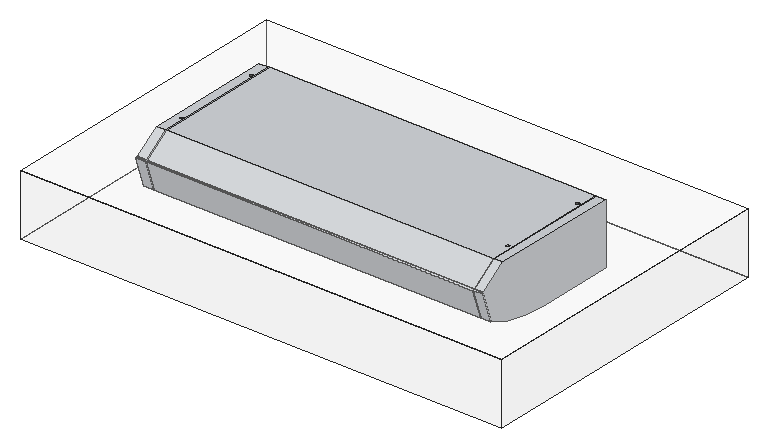
Revit family "pc-rp224_280ba(ca)21_50Hz", category 機械設備, Revit 2019
Family settings
  丸型コネクタ寸法 = 直径を使用
  パーツ タイプ = 標準
  OmniClass 番号 = 23.75.10.24.21.27.27
  OmniClass タイトル = Split System Air Conditioning Units
  作業面ベース = いいえ
  常に垂直 = はい
  ロード時にボイドで切り取り = いいえ
  共有 = いいえ
  部屋計算ポイント = はい
Parameters (values of type "PC-RP224BA21_50Hz")
  騒音レベル（弱）(dB) = 72
  風量（中）（m3／min） = 49
  風量（m3／min） = 58
  風量 = MAX風量  # 3480.0 m³/h
  音響パワーレベル(dB) = 75
  電源種別 = ""
  電圧_電気ヒーター = 0 V
  電圧 = 200 V
  電動機出力_送風機 = 0.32 kW
  運転質量 = 0.00 kg
  連動 = ""
  質量 = if(製品質量 > 運転質量, 製品質量, 運転質量) * 1.2  # 100.80 kg
  負荷分類 = 3_ファン類
  説明 = "店舗・事務所用パッケージエアコン(Mr.SLIM) 天吊形"
  設計暖房能力 [instance] = 0 kW
  設計冷房能力_顕熱 [instance] = 0 kW
  設計冷房能力 [instance] = 0 kW
  設置方法 = "天井吊（露出）形"
  記号 [instance] = ""
  製造元 = "三菱電機株式会社"
  製品質量 = 84.00 kg
  製品出荷対象 = "国内"
  製品リリース年月 = "2025/5/12"
  製品グループ = ""
  系統 [instance] = ""
  符号 = "PAC-CR"
  積算_科目 = "1 空気調和設備"
  積算_拾い区分 [instance] = ""
  相_電気ヒーター = 1
  相 = 1
  盤記号 [instance] = ""
  発停方法 = ""
  特殊仕様 [instance] = ""
  火災停止 = ""
  消費電力_電気ヒーター = 0 kW
  消費電力_暖房 = 0.54 kW
  消費電力_冷房 = 0.54 kW
  消費電力 = if(消費電力_冷房 > 消費電力_暖房, 消費電力_冷房, 消費電力_暖房) + 消費電力_電気ヒーター  # 0.54 kW
  法定耐用年数 = "15"
  極数 = 3
  材質 [instance] = ""
  本体マテリアル = none
  暖房能力 = 22.4 kW
  形式 = "天井吊（露出）形"
  幹線記号 [instance] = ""
  始動方式 = "直入"
  呼称 = "室内機 天井吊(露出)形"
  周波数 = 50 Hz
  吊りボルト幅 = 1694 mm
  台数_手元リモコン [instance] = ""
  台数_冷媒分岐ユニット [instance] = ""
  参照している仕様書等のバージョン = "公共建築工事標準仕様書（機械設備工事編）平成31年度版"
  分類コード = "50053003123090"
  分類グループ = ""
  冷房能力 = 20 kW
  冷媒高低圧ガス管径 = 0.00 mm
  冷媒管径符号 = "Bg"
  冷媒管径 = 100.00 mm
  冷媒液管径 = 9.52 mm
  冷媒ガス管径 = 25.40 mm
  価格 = 0
  企業コード = "108420"
  付属品_フィルター = ""
  付属品 [instance] = ""
  仕様書バージョン = "Version1.0"
  モデル = "PC-RP224BA21"
  ドレン管径 = 25.40 mm
  コメント [instance] = ""
  Keynote = ""
  Width = 1800 mm
  Version = ""
  Uniclass2015Version = "Systems v1.9"
  Uniclass2015Title = "Split coil remote air cooled condensing units"
  Uniclass2015Code = "Pr_70_65_03_84"
  URL = "https://www.mitsubishielectric.co.jp/ldg/wink/qr/002/338250/"
  SpecificationReference = ""
  SpecificationDescription = ""
  Revision = ""
  ProductInformation = ""
  OmniClassCode = "23-33 17 13 11"
  MID風量 = 風量（中）（m3／min） * 60.0 m³/h  # 2940.0 m³/h
  MAX風量 = 風量（m3／min） * 60.0 m³/h  # 3480.0 m³/h
  IfcTypeProduct = ""
  IfcProduct = ""
  IfcExportType = "AIRCONDITIONINGUNIT"
  IfcExportAs = "IfcUnitaryEquipmentType"
  Height = 320 mm
  Depth = 800 mm
  Author = "三菱電機株式会社"
Types (4, lengths in mm): name | 騒音レベル（弱）(dB) | 風量（中）（m3／min） | 風量（m3／min） | 風量 | 音響パワーレベル(dB) | 電動機出力_送風機 | 質量 | 製品質量 | 消費電力_暖房 | 消費電力_冷房 | 消費電力 | 暖房能力 | 吊りボルト幅 | 冷房能力 | 冷媒管径符号 | 冷媒液管径 | モデル | Width | URL | MID風量 | MAX風量
  PC-RP224BA21_50Hz | 72 | 49 | 58 | 3480.0 m³/h | 75 | 0.32 kW | 100.80 kg | 84.00 kg | 0.54 kW | 0.54 kW | 0.54 kW | 22.4 kW | 1694 | 20 kW | "Bg" | 9.52 | "PC-RP224BA21" | 1800 | "https://www.mitsubishielectric.co.jp/ldg/wink/qr/002/338250/" | 2940.0 m³/h | 3480.0 m³/h
  PC-RP280BA21_50Hz | 76 | 60 | 70 | 4200.0 m³/h | 78 | 0.35 kW | 121.20 kg | 101.00 kg | 0.72 kW | 0.72 kW | 0.72 kW | 28 kW | 1994 | 25 kW | "Cg" | 12.70 | "PC-RP280BA21" | 2100 | "https://www.mitsubishielectric.co.jp/ldg/wink/qr/002/338251/" | 3600.0 m³/h | 4200.0 m³/h
  PC-RP224CA21_50Hz | 72 | 49 | 58 | 3480.0 m³/h | 75 | 0.32 kW | 100.80 kg | 84.00 kg | 0.54 kW | 0.54 kW | 0.54 kW | 22.4 kW | 1694 | 20 kW | "Bg" | 9.52 | "PC-RP224CA21" | 1800 | "https://www.mitsubishielectric.co.jp/ldg/wink/qr/002/338252/" | 2940.0 m³/h | 3480.0 m³/h
  PC-RP280CA21_50Hz | 76 | 60 | 70 | 4200.0 m³/h | 78 | 0.35 kW | 121.20 kg | 101.00 kg | 0.72 kW | 0.72 kW | 0.72 kW | 28 kW | 1994 | 25 kW | "Cg" | 12.70 | "PC-RP280CA21" | 2100 | "https://www.mitsubishielectric.co.jp/ldg/wink/qr/002/338220/" | 3600.0 m³/h | 4200.0 m³/h
Reference planes
  plane 1 "中心(正面/背面)": y = 0
  plane 2: z = 0
  plane 3 "中心(左/右)": x = 0
  plane 4: y = -400
  plane 5: y = 400
  plane 6: x = -900
  plane 7: x = 900
  plane 8: y = -900
  plane 9: z = -320
  plane 10: y = 700
  plane 11: x = -1100
  plane 12: x = 1400
  plane 13: x = -861
  plane 14: x = 833
  plane 15: y = 300
  plane 16: y = -150
Lines and regions (mm)
  Masking region 1, detail levels coarse+medium
    outline origin (0, 0, 0) x (1, 0, 0) y (0, 1, 0)
      loop
        line (-900, -400) -> (900, -400) -> (900, 400) -> (-900, 400) -> (-900, -400)
Dimensions and locks
  "Depth": plane 4 to plane 5
  "Width": plane 6 to plane 7
  locked: plane 8 to plane 4 at 500
  equal spacing: plane 4, plane 1 "中心(正面/背面)", plane 5
  equal spacing: plane 6, plane 3 "中心(左/右)", plane 7
  "Height": level to plane 9
  locked: plane 5 to plane 10 at 300
  locked: plane 11 to plane 6 at 200
  locked: plane 7 to plane 12 at 500
  "吊りボルト幅": plane 13 to plane 14
  locked: plane 6 to plane 13 at 39
  plane 16 to plane 15 to plane 5 = 450 mm locked, 100 mm locked
  aligned and locked: level to plane 2
  aligned and locked: plane 3 "中心(左/右)" to nested 1
  aligned and locked: plane 1 "中心(正面/背面)" to nested 1
  aligned and locked: level to nested 1
  aligned and locked: plane 11 to nested 2
  aligned and locked: plane 12 to nested 2
  aligned and locked: plane 10 to nested 2
  aligned and locked: plane 8 to nested 2
  aligned and locked: plane 9 to nested 2
  aligned and locked: plane 2 to nested 2
  aligned and locked: plane 15 to nested 3
  aligned and locked: plane 16 to nested 3
  aligned and locked: plane 13 to nested 3
  aligned and locked: nested 3 to plane 14
Automatic sketch dimensions
  plane 5 to Masking region 1 sketch curve = 0 mm
  Masking region 1 sketch curve to plane 6 = 0 mm
  Masking region 1 sketch curve to plane 7 = 0 mm
  plane 4 to Masking region 1 sketch curve = 0 mm
Nested families
  nested 1: "PC-RP-BA" at (0, 0, -320), 幅 <- "Width", 奥行き <- "Depth", 高さ <- "Height", ドレン配管サイズ <- "ドレン管径", 液配管サイズ <- "冷媒管径", type "PC-RP-BA"
    with 高さ 320 mm, 配線取出口サイズ 26 mm, 配線取出口-Z 0 mm, 配線取出口-Y 0 mm, 配線取出口-X 0 mm, 液配管サイズ 100 mm, 幅 1800 mm, 奥行き 800 mm, 吊りボルト_径 15 mm, 吊りボルト-W 1694 mm, 吊りボルト-D 450 mm, 冷媒配管サイズ 6.35 mm, 冷媒液管径-Z 184 mm, 冷媒液管径-Y 90 mm, 冷媒液管径-X 127 mm, 冷媒ガス管径-Z 106 mm, 冷媒ガス管径-Y 90 mm, 冷媒ガス管径-X 207 mm, ドレン配管サイズ 25.4 mm, ドレン管径-Z 36 mm, ドレン管径-Y 196 mm, ドレン管径-X 134 mm, ガス配管サイズ 12.7 mm
  nested 2: "サービススペース(PC-RP-BA)" at (150, -100, -160), type "サービススペース(PC-RP-BA)"
    with Width 2500 mm, Height 320 mm, Depth 1600 mm
  nested 3: "固定点" at (-861, -150, 0), W <- "吊りボルト幅", type "固定点"
    with W 1694 mm, D 450 mm
Connectors
  piping at (733, 310, -175), diameter 100, driven by "冷媒管径", driven by "冷媒管径符号"
    settings: on nested 1, index 1, connector inside diameter 609.60 mm, connector length 0 mm, flow factor 0, pipe flow 0.0 L/s, pressure drop 0.0 Pa, fitting loss kfactor 0, connector angle 0.00°, fixture units 0, engagement length 0 mm, angle of deflection 0.00°, flow configuration 1, flow direction 1, fitting loss method 4, system type 7, joint type 0, gender type 0, connector reference index -1, connector utility 0, adjustable connector no, is connector primary yes, connector description "Bg"
  piping at (766, 204, -284), diameter 25.4, driven by "ドレン管径"
    settings: on nested 1, index 2, connector inside diameter 609.60 mm, connector length 0 mm, flow factor 0, pipe flow 0.0 L/s, pressure drop 0.0 Pa, fitting loss kfactor 0, connector angle 0.00°, fixture units 0, engagement length 0 mm, angle of deflection 0.00°, flow configuration 1, flow direction 2, fitting loss method 4, system type 16, joint type 0, gender type 0, connector reference index -1, connector utility 0, adjustable connector no, is connector primary no, connector description ""
  electrical at (900, -125.125, -142.5), driven by "極数", driven by "負荷分類", driven by "電圧", driven by "消費電力"
    settings: on nested 1, index 3, voltage 200 V, apparent load 540 VA, apparent load phase1 0 VA, apparent load phase2 0 VA, apparent load phase3 0 VA, power factor 1, load classification "3_ファン類", number of poles 3, system type 30, power factor state 1, is connector primary yes, connector utility no, sub classification motor no, connector description ""
Definition of nested family "PC-RP-BA"
  Parameters (values of type "PC-RP-BA")
    配線取出口サイズ [instance] = 26 mm
    配線取出口-Z [instance] = 0 mm
    配線取出口-Y [instance] = 0 mm
    配線取出口-X [instance] = 0 mm
    液配管サイズ [instance] = 100 mm
    高さ [instance] = 320 mm
    奥行き [instance] = 800 mm
    吊りボルト_径 [instance] = 15 mm
    冷媒配管サイズ [instance] = 6.35 mm
    冷媒液管径-Z [instance] = 184 mm
    冷媒液管径-Y [instance] = 90 mm
    冷媒液管径-X [instance] = 127 mm
    冷媒ガス管径-Z [instance] = 106 mm
    冷媒ガス管径-Y [instance] = 90 mm
    冷媒ガス管径-X [instance] = 207 mm
    吊りボルト-W [instance] = 幅 - 106 mm  # 1694 mm
    ドレン配管サイズ [instance] = 26 mm
    ドレン管径-Z [instance] = 36 mm
    ドレン管径-Y [instance] = 196 mm
    ドレン管径-X [instance] = 134 mm
    ガス配管サイズ [instance] = 12.7 mm
    吊りボルト-D [instance] = 450 mm
    幅 [instance] = 1800 mm
  Reference planes
    plane 1 "中心(正面/背面)": y = 0
    plane 2: z = 0
    plane 3 "中心(左/右)": x = 0
    plane 4: z = 240
    plane 5: x = -900
    plane 6: x = 900
    plane 7: y = 400
    plane 8: y = -400
    plane 9: y = -349
    plane 10: y = -390
    plane 11: y = -395
    plane 12: z = 124
    plane 13: z = 212
    plane 14: z = 230
    plane 15: z = 235
    plane 16: z = 80
    plane 17: x = -850
    plane 18: x = 850
    plane 19: y = 146
    plane 20: z = 145
    plane 21: z = 50
    plane 22: x = 693
    plane 23: x = 773
    plane 24: x = 733
    plane 25: x = 766
    plane 26: y = 310
    plane 27: y = 204
    plane 28: y = 405
    plane 29: z = 210
    plane 30: z = 320
    plane 31: y = 210
    plane 32: z = 184
    plane 33: z = 106
    plane 34: z = 36
    plane 35: y = 104
    plane 36: z = 319
    plane 37: x = -861
    plane 38: x = 833
    plane 39: y = 300
    plane 40: y = -150
  Forms (mm)
    Extrusion 1, solid, detail levels fine
      sketch origin (900, 1296.25, 1200) x (0, 1, 0) y (0, 0, 1)
        loop
          line (-1563.25, -880) -> (-1686.25, -965) -> (-1691.25, -965) -> (-1696.25, -970) -> (-1645.25, -1120)
          arc (-1645.25, -1120) -> (-1475.276, -1179.744) -> (-1296.25, -1200) r 801.256
          line (-1296.25, -1200) -> (-896.25, -1200) -> (-896.25, -880) -> (-1563.25, -880)
      from -1750 to -50
    Extrusion 2, solid, detail levels fine
      sketch origin (0, 0, 0) x (1, 0, 0) y (0, 0, 1)
        loop
          circle (733, 145) r 50
      from -310 to -210
    Extrusion 3, solid, detail levels fine
      sketch origin (900, 1296.25, 1200) x (0, 1, 0) y (0, 0, 1)
        loop
          line (-896.25, -880) -> (-1563.25, -880) -> (-1686.25, -965) -> (-1691.25, -965) -> (-1696.25, -970) -> (-1645.25, -1120)
          arc (-1645.25, -1120) -> (-1475.276, -1179.744) -> (-1296.25, -1200) r 801.256
          line (-1296.25, -1200) -> (-896.25, -1200) -> (-896.25, -880)
      from -50 to 0
    Extrusion 4, solid, detail levels fine
      sketch origin (900, 1296.25, 1200) x (0, 1, 0) y (0, 0, 1)
        loop
          line (-896.25, -880) -> (-1563.25, -880) -> (-1686.25, -965) -> (-1691.25, -965) -> (-1696.25, -970) -> (-1645.25, -1120)
          arc (-1645.25, -1120) -> (-1475.276, -1179.744) -> (-1296.25, -1200) r 801.256
          line (-1296.25, -1200) -> (-896.25, -1200) -> (-896.25, -880)
      from -1800 to -1750
    Extrusion 5, solid, detail levels fine
      sketch origin (0, 0, 0) x (1, 0, 0) y (0, 0, 1)
        loop
          circle (766, 36) r 13
      from -204 to -104
    Extrusion 6, void
      sketch origin (-1437.329, -1524, 240) x (0, -1, 0) y (-1, 0, 0)
        loop
          circle (-1374, -2270.329) r 7.5
        loop
          circle (-1824, -2270.329) r 7.5
        loop
          circle (-1824, -576.329) r 7.5
        loop
          circle (-1374, -576.329) r 7.5
      from -80 to -79
  Cuts and joins
    Extrusion 6 cuts Extrusion 1
    Extrusion 6 cuts Extrusion 4
  Lines and regions (mm)
    model lines, detail levels fine
      curve 1: line (850, -392.127, 206.843) -> (-850, -392.127, 206.843)
      curve 2: line (-850, -357.48, 104.94) -> (850, -357.48, 104.94)
      curve 3: line (-850, 370, 0) -> (-850, 146, 0)
      curve 4: line (850, 370, 0) -> (850, 146, 0)
      curve 5: line (850, 370, 0) -> (-850, 370, 0)
      curve 6: line (850, 146, 0) -> (-850, 146, 0)
      curve 7: line (850, 354, 0) -> (-850, 354, 0)
      curve 8: line (850, 338, 0) -> (-850, 338, 0)
      curve 9: line (850, 322, 0) -> (-850, 322, 0)
      curve 10: line (850, 306, 0) -> (-850, 306, 0)
      curve 11: line (850, 290, 0) -> (-850, 290, 0)
      curve 12: line (850, 274, 0) -> (-850, 274, 0)
      curve 13: line (850, 258, 0) -> (-850, 258, 0)
      curve 14: line (850, 242, 0) -> (-850, 242, 0)
      curve 15: line (850, 226, 0) -> (-850, 226, 0)
      curve 16: line (850, 210, 0) -> (-850, 210, 0)
      curve 17: line (850, 194, 0) -> (-850, 194, 0)
      curve 18: line (850, 178, 0) -> (-850, 178, 0)
      curve 19: line (850, 162, 0) -> (-850, 162, 0)
  Dimensions and locks
    equal spacing: plane 8, plane 1 "中心(正面/背面)", plane 7
    "奥行き": plane 8 to plane 7
    equal spacing: plane 5, plane 3 "中心(左/右)", plane 6
    "幅": plane 5 to plane 6
    locked: plane 8 to plane 11 at 5
    locked: plane 8 to plane 10 at 10
    locked: plane 8 to plane 9 at 51
    locked: plane 15 to level at 235
    locked: plane 16 to level at 80
    plane 17 to plane 18 = 1700 mm
    locked: plane 5 to plane 17 at 50
    locked: plane 18 to plane 6 at 50
    locked: plane 13 to plane 12 at 88
    locked: plane 19 to plane 7 at 254
    locked: plane 4 to plane 21 at 190
    equal spacing: plane 22, plane 24, plane 23
    "ドレン管径-X": plane 25 to plane 6
    locked: plane 27 to plane 7 at 196
    locked: plane 26 to plane 7 at 90
    locked: plane 7 to plane 28 at 5
    locked: plane 4 to plane 29 at 30
    locked: plane 30 to plane 4 at 80
    "高さ": plane 30 to level
    locked: plane 12 to plane 16 at 44
    locked: plane 15 to plane 14 at 5
    "冷媒液管径-X": plane 23 to plane 6
    "冷媒ガス管径-X": plane 22 to plane 6
    locked: plane 31 to plane 26 at 100
    equal spacing: plane 32, plane 20, plane 33
    "冷媒ガス管径-Z": plane 33 to level
    "冷媒液管径-Z": plane 32 to level
    "ドレン管径-Z": plane 34 to level
    locked: plane 35 to plane 27 at 100
    locked: plane 30 to plane 36 at 1
    "吊りボルト-W": plane 37 to plane 38
    locked: plane 5 to plane 37 at 39
    "吊りボルト-D": plane 40 to plane 39
    locked: plane 39 to plane 7 at 100
    "液配管サイズ": diameter of Extrusion 2 sketch curve
    "ドレン配管サイズ": diameter of Extrusion 5 sketch curve
    "吊りボルト_径": diameter of Extrusion 6 sketch curve  (x4)
    aligned and locked: level to plane 2
    aligned and locked: Extrusion 1 sketch curve to plane 7
    aligned and locked: Extrusion 1 sketch curve to level
    aligned and locked: plane 15 to Extrusion 1 sketch curve
    aligned and locked: plane 14 to Extrusion 1 sketch curve
    aligned and locked: plane 16 to Extrusion 1 sketch curve
    aligned and locked: curve 3 to plane 17
    aligned and locked: curve 4 to plane 18
    aligned and locked: curve 6 to plane 19
    aligned and locked: plane 24 to Extrusion 2 sketch curve
    aligned and locked: plane 20 to Extrusion 2 sketch curve
    aligned and locked: Extrusion 2 to plane 26
    aligned and locked: plane 18 to Extrusion 1
    aligned and locked: Extrusion 1 to plane 17
    aligned and locked: Extrusion 1 sketch curve to plane 30
    aligned and locked: Extrusion 3 sketch curve to Extrusion 1  (x7)
    aligned and locked: Extrusion 3 to Extrusion 1
    aligned and locked: plane 6 to Extrusion 3
    aligned and locked: Extrusion 4 sketch curve to Extrusion 3  (x7)
    aligned and locked: Extrusion 4 to plane 5
    aligned and locked: Extrusion 4 to Extrusion 1
    aligned and locked: plane 31 to Extrusion 2
    aligned and locked: plane 25 to Extrusion 5 sketch curve
    aligned and locked: plane 34 to Extrusion 5 sketch curve
    aligned and locked: Extrusion 5 to plane 27
    aligned and locked: plane 35 to Extrusion 5
    aligned and locked: plane 37 to Extrusion 6 sketch curve  (x2)
    aligned and locked: plane 40 to Extrusion 6 sketch curve  (x2)
    aligned and locked: plane 39 to Extrusion 6 sketch curve  (x2)
    aligned and locked: plane 38 to Extrusion 6 sketch curve  (x2)
    aligned and locked: Extrusion 6 to plane 36
    aligned and locked: Extrusion 1 to Extrusion 6
  Automatic sketch dimensions
    Extrusion 1 sketch curve to plane 8 = 0 mm
    Extrusion 1 sketch curve to plane 11 = 0 mm
    Extrusion 1 sketch curve to plane 10 = 0 mm
    Extrusion 1 sketch curve to plane 9 = 0 mm
    Extrusion 1 sketch curve to plane 9 = 82 mm
    Extrusion 1 sketch curve to plane 1 "中心(正面/背面)" = 0 mm
    Extrusion 1 to curve 2 = 0 mm  (x2)
    Extrusion 1 to curve 1 = 24.459 mm
    plane 7 to curve 4 = 30 mm
    curve 19 to plane 19 = 16 mm
    curve 19 to curve 18 = 16 mm
    curve 18 to curve 17 = 16 mm
    curve 17 to curve 16 = 16 mm
    curve 16 to curve 15 = 16 mm
    curve 15 to curve 14 = 16 mm
    curve 14 to curve 13 = 16 mm
    curve 13 to curve 12 = 16 mm
    curve 12 to curve 11 = 16 mm
    curve 11 to curve 10 = 16 mm
    curve 10 to curve 9 = 16 mm
    curve 9 to curve 8 = 16 mm
    curve 8 to curve 7 = 16 mm
    curve 2 to Extrusion 1 = 26.342 mm
    Extrusion 1 to curve 1 = 0 mm  (x2)
Definition of nested family "サービススペース(PC-RP-BA)"
  Parameters (values of type "サービススペース")
    Width [instance] = 500 mm
    Height [instance] = 500 mm
    Depth [instance] = 500 mm
  Reference planes
    plane 1 "中心(正面/背面)": y = 0
    plane 2: z = 0
    plane 3 "中心(左/右)": x = 0
    plane 4: y = -250
    plane 5: x = 250
    plane 6: y = 250
    plane 7: x = -250
    plane 8: z = 250
    plane 9: z = -250
  Forms (mm)
    Extrusion 1, solid
      sketch origin (-638.939, 0, 72.39) x (1, 0, 0) y (0, 1, 0)
        loop
          line (388.939, 250) -> (388.939, -250) -> (888.939, -250) -> (888.939, 250) -> (388.939, 250)
      from -322.39 to 177.61
  Lines and regions (mm)
    symbolic lines
      curve 1: line (-250, 0, 250) -> (250, 0, 250)
      curve 2: line (-250, 0, -250) -> (-250, 0, 250)
      curve 3: line (250, 0, -250) -> (-250, 0, -250)
      curve 4: line (250, 0, 250) -> (250, 0, -250)
      curve 5: line (0, -250, 250) -> (0, 250, 250)
      curve 6: line (0, -250, -250) -> (0, -250, 250)
      curve 7: line (0, 250, -250) -> (0, -250, -250)
      curve 8: line (0, 250, 250) -> (0, 250, -250)
      curve 9: line (-250, 250, 0) -> (250, 250, 0)
      curve 10: line (-250, -250, 0) -> (-250, 250, 0)
      curve 11: line (250, -250, 0) -> (-250, -250, 0)
      curve 12: line (250, 250, 0) -> (250, -250, 0)
  Dimensions and locks
    equal spacing: plane 7, plane 3 "中心(左/右)", plane 5
    equal spacing: plane 4, plane 1 "中心(正面/背面)", plane 6
    "Depth": plane 4 to plane 6
    "Width": plane 7 to plane 5
    equal spacing: plane 8, plane 2, plane 9
    "Height": plane 8 to plane 9
    aligned and locked: plane 9 to curve 3
    aligned and locked: plane 7 to curve 2
    aligned and locked: curve 4 to plane 5
    aligned and locked: plane 5 to Extrusion 1
    aligned and locked: Extrusion 1 to plane 7
    aligned and locked: Extrusion 1 to plane 9
    aligned and locked: plane 8 to Extrusion 1
    aligned and locked: plane 9 to curve 7
  Automatic sketch dimensions
    plane 4 to Extrusion 1 sketch curve = 0 mm
    Extrusion 1 sketch curve to plane 7 = 0 mm
    Extrusion 1 sketch curve to plane 5 = 0 mm
    plane 6 to Extrusion 1 sketch curve = 0 mm
    curve 2 to plane 8 = 0 mm
    plane 4 to curve 11 = 0 mm
    curve 11 to plane 7 = 0 mm
    curve 11 to plane 5 = 0 mm
    plane 6 to curve 10 = 0 mm
    curve 7 to plane 4 = 0 mm
    curve 7 to plane 6 = 0 mm
    curve 6 to plane 8 = 0 mm
Definition of nested family "固定点"
  Parameters (values of type "固定点")
    中心円 = 20 mm
    W [instance] = 1000 mm
    D [instance] = 1000 mm
  Reference planes
    plane 1 "中心(正面/背面)": y = 0
    plane 2: z = 0
    plane 3 "中心(左/右)": x = 0
    plane 4: x = 1000
    plane 5: y = 1000
  Lines and regions (mm)
    symbolic lines, detail levels fine
      curve 1: circle (0, 1000, 0) r 10 normal (0, 0, 1)
      curve 2: circle (0, 0, 0) r 10 normal (0, 0, 1)
      curve 3: circle (1000, 1000, 0) r 10 normal (0, 0, 1)
      curve 4: circle (1000, 0, 0) r 10 normal (0, 0, 1)
      curve 5: line (-200, 1000, 0) -> (1200, 1000, 0)
      curve 6: line (-200, 0, 0) -> (1200, 0, 0)
      curve 7: line (0, 1200, 0) -> (0, -200, 0)
      curve 8: line (1000, 1200, 0) -> (1000, -200, 0)
  Dimensions and locks
    "W": plane 3 "中心(左/右)" to plane 4
    "D": plane 1 "中心(正面/背面)" to plane 5
    "中心円": diameter of curve 1
    "中心円": diameter of curve 2
    "中心円": diameter of curve 3
    "中心円": diameter of curve 4
    aligned and locked: level to plane 2
    aligned and locked: plane 5 to curve 1
    aligned and locked: plane 3 "中心(左/右)" to curve 1
    aligned and locked: plane 3 "中心(左/右)" to curve 2
    aligned and locked: plane 1 "中心(正面/背面)" to curve 2
    aligned and locked: plane 4 to curve 3
    aligned and locked: plane 5 to curve 3
    aligned and locked: plane 1 "中心(正面/背面)" to curve 4
    aligned and locked: plane 4 to curve 4
    aligned and locked: plane 1 "中心(正面/背面)" to curve 6
    aligned and locked: curve 7 to plane 3 "中心(左/右)"
    aligned and locked: curve 8 to plane 4
  Automatic sketch dimensions
    curve 5 to plane 5 = 0 mm
    curve 6 to plane 3 "中心(左/右)" = 200 mm
    curve 5 to plane 3 "中心(左/右)" = 200 mm
    curve 4 to curve 6 = 200 mm
    curve 3 to curve 5 = 200 mm
    plane 1 "中心(正面/背面)" to curve 8 = 200 mm
    plane 1 "中心(正面/背面)" to curve 7 = 200 mm
    curve 3 to curve 8 = 200 mm
    curve 1 to curve 7 = 200 mm
